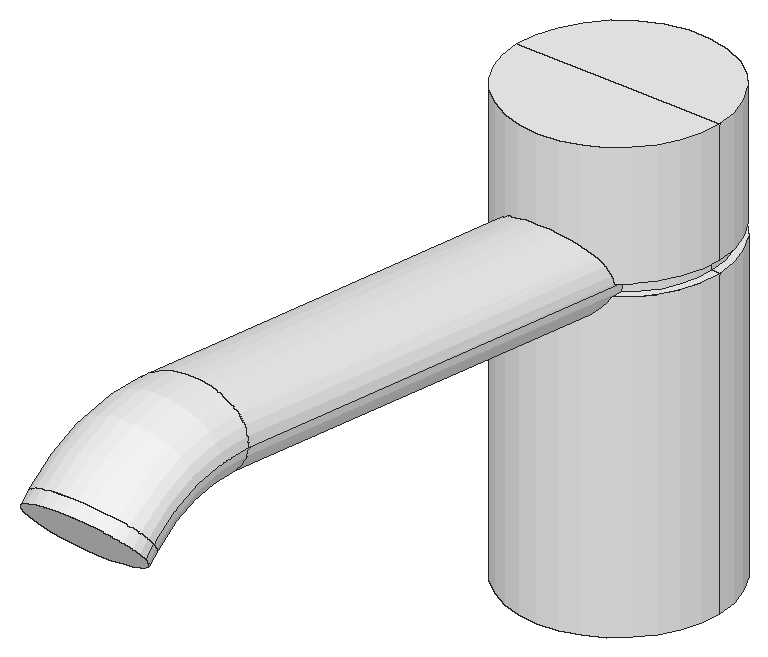
Revit family
Parameters
  Material Tap = Metal - Chrome
  Manufacturer = "Revit"
Reference planes
  plane 1 "Center (Front/Back)": y = 0
  plane 2: z = 0
  plane 3 "Center (Left/Right)": x = 0
Forms (mm)
  Revolve 1, solid, material "Metal - Chrome" <- "Material Tap"
    sketch origin (0, 0, 0) x (1, 0, 0) y (0, 0, 1)
      loop
        line (-25, 0) -> (0, 0) -> (0, 108) -> (-25, 108) -> (-25, 78) -> (-23, 78) -> (-23, 75) -> (-25, 75) -> (-25, 0)
      axis (0, 0) -> (0, 108)
    angle from 0 to 360
  Sweep 2, solid, material "Metal - Chrome" <- "Material Tap"
    path origin (0, 0, 0) x (0, 1, 0) y (0, 0, 1)
      loop
        line (0, 75) -> (-132.482, 91.267)
        arc (-132.482, 91.267) -> (-147.906, 89.985) -> (-161.539, 82.66) r 38
        line (-161.539, 82.66) -> (-164.203, 80.425)
    profile origin (0, -66.241, 83.133) x (0, -0.121869, -0.992546) y (1, 0, 0)
      loop
        spline (0, -15) -> (2.588, -14.489) -> (5, -12.99) -> (7.071, -10.607) -> (8.66, -7.5) -> (9.659, -3.882) -> (10, 0) -> (9.659, 3.882) -> (8.66, 7.5) -> (7.071, 10.607) -> (5, 12.99) -> (2.588, 14.489) -> (0, 15)
        spline (0, 15) -> (-2.588, 14.489) -> (-5, 12.99) -> (-7.071, 10.607) -> (-8.66, 7.5) -> (-9.659, 3.882) -> (-10, 0) -> (-9.659, -3.882) -> (-8.66, -7.5) -> (-7.071, -10.607) -> (-5, -12.99) -> (-2.588, -14.489) -> (0, -15)
Cuts and joins
  joined: Revolve 1, Sweep 2
